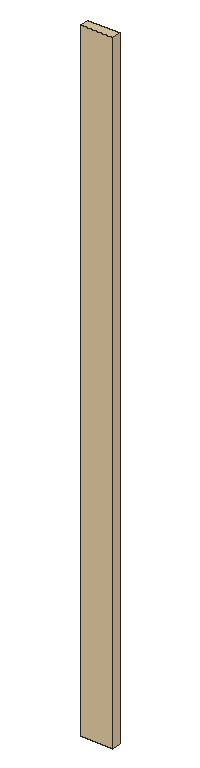
Revit family "STUDS", category Structural Columns, Revit 2020
Family settings
  Section Shape = Not Defined
  Material for Model Behavior = Wood
  Always export as geometry = No
  Beam cutback in plan = From bounding box
  OmniClass Number = 23.25.30.11.14.11
  OmniClass Title = Columns
  Cut with Voids When Loaded = No
  Symbolic Representation = From Project Settings
  Shared = No
  Show family pre-cut in plan views = Yes
Parameters (values of type "2x6_")
  Structural Material [instance] = Softwood, Lumber
  A = 8.25 in²
  Assembly Code = "B10"
  b = 0' - 5 1/2"
  d = 0' - 1 1/2"
Types (4): name | A | b | d
  2x6_ | 8.25 in² | 0' - 5 1/2" | 0' - 1 1/2"
  2x4_ | 5.25 in² | 0' - 3 1/2" | 0' - 1 1/2"
  2x6 | 8.25 in² | 0' - 1 1/2" | 0' - 5 1/2"
  2x4 | 5.25 in² | 0' - 1 1/2" | 0' - 3 1/2"
Reference planes (in)
  plane 1 "Center (Front/Back)": y = 0
  plane 2: z = 0
  plane 3 "Center (Left/Right)": x = 0
  plane 4: x = -2.75
  plane 5: x = 2.75
  plane 6: y = 0.75
  plane 7: y = -0.75
Forms (in)
  Extrusion 1, solid, material "Softwood, Lumber" <- "Structural Material", detail levels medium+fine
    sketch origin (0, 0, 0) x (1, 0, 0) y (0, 1, 0)
      loop
        line (-2.75, 0.75) -> (-2.75, -0.75) -> (2.75, -0.75) -> (2.75, 0.75) -> (-2.75, 0.75)
    from 0 to 108
Lines and regions (in)
  symbolic lines, style "StructuralColumnStickSymbols", detail levels coarse
    curve 1: line (-2.75, 0.75, 0) -> (2.75, 0.75, 0)
    curve 2: line (-2.75, -0.75, 0) -> (2.75, -0.75, 0)
    curve 3: line (-2.75, 0.75, 0) -> (-2.75, -0.75, 0)
    curve 4: line (2.75, 0.75, 0) -> (2.75, -0.75, 0)
Dimensions and locks (in)
  equal spacing: plane 4, plane 3 "Center (Left/Right)", plane 5
  equal spacing: plane 7, plane 1 "Center (Front/Back)", plane 6
  "d": plane 7 to plane 6
  "b": plane 4 to plane 5
  aligned and locked: plane 6 to Extrusion 1 sketch curve
  aligned and locked: Extrusion 1 sketch curve to plane 7
  aligned and locked: Extrusion 1 sketch curve to plane 4
  aligned and locked: plane 5 to Extrusion 1 sketch curve
  aligned and locked: level to Extrusion 1
  aligned and locked: level to plane 2
  aligned and locked: Extrusion 1 to plane 2
Automatic sketch dimensions
  curve 3 to plane 4 = 0' - 0"
  curve 4 to plane 5 = 0' - 0"
  curve 3 to plane 7 = 0' - 0"
  curve 3 to plane 6 = 0' - 0"
